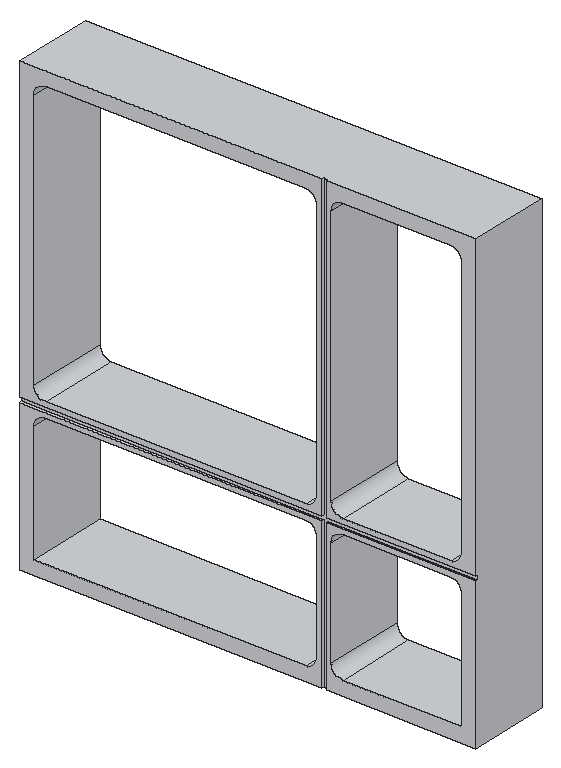
Revit family "Quadrado-a", category Modelos genéricos, Revit 2019
Family settings
  Pode hospedar o vergalhão = Não
  Cota do conector redondo = Utilizar diâmetro
  Tipo de parte = Normal
  Com base no plano de trabalho = Não
  Sempre na vertical = Sim
  Corte com vazios quando carregada = Não
  Compartilhado = Não
  Ponto de cálculo do ambiente = Não
Parameters
  t2 = 2 mm
  t1 = 12 mm
  Largura = 390 mm
  Espessura = 70 mm
  Material = none
Reference planes
  plane 1 "Centro (Frente/Trás)": y = 0
  plane 2: z = 0
  plane 3 "Centro (Esquerda/Direita)": x = 0
  plane 4: x = 390
  plane 5: z = 390
  plane 6: z = 260
  plane 7: z = 130
  plane 8: x = 130
  plane 9: x = 260
  plane 10: z = 378
  plane 11: z = 266
  plane 12: z = 254
  plane 13: z = 136
  plane 14: z = 124
  plane 15: z = 12
  plane 16: x = 12
  plane 17: x = 254
  plane 18: x = 266
  plane 19: x = 378
  plane 20: y = 35
  plane 21: y = -35
  plane 22: z = 132
  plane 23: z = 128
  plane 24: x = 258
  plane 25: x = 262
  plane 26: z = 262
  plane 27: z = 258
  plane 28: y = -33
Forms (mm)
  Extrusion 1, solid, material <- "Material"
    sketch origin (0, 0, 0) x (1, 0, 0) y (0, 0, 1)
      loop
        line (0, 390) -> (0, 0) -> (390, 0) -> (390, 390) -> (0, 390)
      loop
        arc (22, 378) -> (14.929, 375.071) -> (12, 368) r 10
        line (12, 368) -> (12, 146)
        arc (12, 146) -> (14.929, 138.929) -> (22, 136) r 10
        line (22, 136) -> (244, 136)
        arc (244, 136) -> (251.071, 138.929) -> (254, 146) r 10
        line (254, 146) -> (254, 368)
        arc (254, 368) -> (251.071, 375.071) -> (244, 378) r 10
        line (244, 378) -> (22, 378)
      loop
        line (12, 12) -> (244, 12)
        arc (244, 12) -> (251.071, 14.929) -> (254, 22) r 10
        line (254, 22) -> (254, 114)
        arc (254, 114) -> (251.071, 121.071) -> (244, 124) r 10
        line (244, 124) -> (22, 124)
        arc (22, 124) -> (14.929, 121.071) -> (12, 114) r 10
        line (12, 114) -> (12, 12)
      loop
        arc (378, 368) -> (375.071, 375.071) -> (368, 378) r 10
        line (368, 378) -> (276, 378)
        arc (276, 378) -> (268.929, 375.071) -> (266, 368) r 10
        line (266, 368) -> (266, 146)
        arc (266, 146) -> (268.929, 138.929) -> (276, 136) r 10
        line (276, 136) -> (368, 136)
        arc (368, 136) -> (375.071, 138.929) -> (378, 146) r 10
        line (378, 146) -> (378, 368)
      loop
        line (266, 114) -> (266, 22)
        arc (266, 22) -> (268.929, 14.929) -> (276, 12) r 10
        line (276, 12) -> (378, 12) -> (378, 114)
        arc (378, 114) -> (375.071, 121.071) -> (368, 124) r 10
        line (368, 124) -> (276, 124)
        arc (276, 124) -> (268.929, 121.071) -> (266, 114) r 10
    from -35 to 35
  Extrusion 2, void
    sketch origin (0, 0, 0) x (0, 1, 0) y (0, 0, 1)
      loop
        line (-33, 132) -> (-35, 132) -> (-35, 128) -> (-33, 128) -> (-33, 132)
    from 0 to 390
  Extrusion 3, void
    sketch origin (0, 0, 0) x (1, 0, 0) y (0, 0, 1)
      loop
        line (258, 0) -> (262, 0) -> (262, 390) -> (258, 390) -> (258, 0)
    from 35 to 33
Cuts and joins
  Extrusion 2, Extrusion 3 cuts Extrusion 1
Dimensions and locks
  equal spacing: plane 5, plane 6, plane 7, plane 2
  equal spacing: plane 4, plane 9, plane 8, plane 3 "Centro (Esquerda/Direita)"
  equal spacing: plane 11, plane 6, plane 12
  "t1": plane 11 to plane 12
  equal spacing: plane 13, plane 7, plane 14
  "t1": plane 13 to plane 14
  "t1": plane 15 to plane 2
  "t1": plane 16 to plane 3 "Centro (Esquerda/Direita)"
  equal spacing: plane 18, plane 9, plane 17
  "t1": plane 18 to plane 17
  "t1": plane 5 to plane 10
  "t1": plane 4 to plane 19
  equal spacing: plane 20, plane 1 "Centro (Frente/Trás)", plane 21
  "Espessura": plane 20 to plane 21
  "t2": plane 22 to plane 7
  "t2": plane 7 to plane 23
  "t2": plane 24 to plane 9
  "t2": plane 9 to plane 25
  "t2": plane 26 to plane 6
  "t2": plane 6 to plane 27
  "t2": plane 28 to plane 21
  "Largura": plane 4 to plane 3 "Centro (Esquerda/Direita)"
  "Largura": plane 5 to plane 2
  aligned and locked: level to plane 2
  aligned and locked: Extrusion 1 sketch curve to plane 3 "Centro (Esquerda/Direita)"
  aligned and locked: Extrusion 1 sketch curve to plane 2
  aligned and locked: Extrusion 1 sketch curve to plane 4
  aligned and locked: Extrusion 1 sketch curve to plane 5
  aligned and locked: Extrusion 1 sketch curve to plane 10
  aligned and locked: Extrusion 1 sketch curve to plane 16  (x2)
  aligned and locked: Extrusion 1 sketch curve to plane 15
  aligned and locked: Extrusion 1 sketch curve to plane 19
  aligned and locked: Extrusion 1 sketch curve to plane 13
  aligned and locked: Extrusion 1 sketch curve to plane 14
  aligned and locked: Extrusion 1 sketch curve to plane 17
  aligned and locked: Extrusion 1 sketch curve to plane 18
  aligned and locked: plane 20 to Extrusion 1
  aligned and locked: Extrusion 1 to plane 21
  aligned and locked: plane 22 to Extrusion 2 sketch curve
  aligned and locked: Extrusion 2 sketch curve to plane 23
  aligned and locked: Extrusion 3 sketch curve to level
  aligned and locked: Extrusion 3 sketch curve to plane 5
  aligned and locked: Extrusion 3 sketch curve to plane 24
  aligned and locked: Extrusion 3 sketch curve to plane 25
  aligned and locked: cut or joined group of Extrusion 1, Extrusion 2, Extrusion 3 to plane 21  (x2)
  aligned and locked: plane 28 to cut or joined group of Extrusion 1, Extrusion 2, Extrusion 3
  aligned and locked: Extrusion 1 to Extrusion 3
  aligned and locked: Extrusion 2 to Extrusion 3
  aligned and locked: plane 4 to Extrusion 2
Automatic sketch dimensions
  Extrusion 1 sketch curve to plane 17 = 0 mm
  Extrusion 1 sketch curve to plane 18 = 0 mm
  Extrusion 1 sketch curve to plane 13 = 0 mm
  Extrusion 1 sketch curve to plane 15 = 0 mm
  Extrusion 1 sketch curve to plane 10 = 0 mm
  Extrusion 1 sketch curve to plane 14 = 0 mm
  Extrusion 1 sketch curve to plane 19 = 0 mm
  plane 16 to Extrusion 1 sketch curve = 10 mm
  Extrusion 1 sketch curve to Extrusion 1 sketch curve = 10 mm  (x2)
  Extrusion 1 sketch curve to plane 17 = 10 mm  (x4)
  Extrusion 1 sketch curve to plane 14 = 10 mm
  plane 18 to Extrusion 1 sketch curve = 10 mm  (x3)
  Extrusion 1 sketch curve to plane 19 = 10 mm  (x3)
  Extrusion 2 sketch curve to plane 20 = 70 mm
  Extrusion 2 sketch curve to plane 20 = 68 mm
